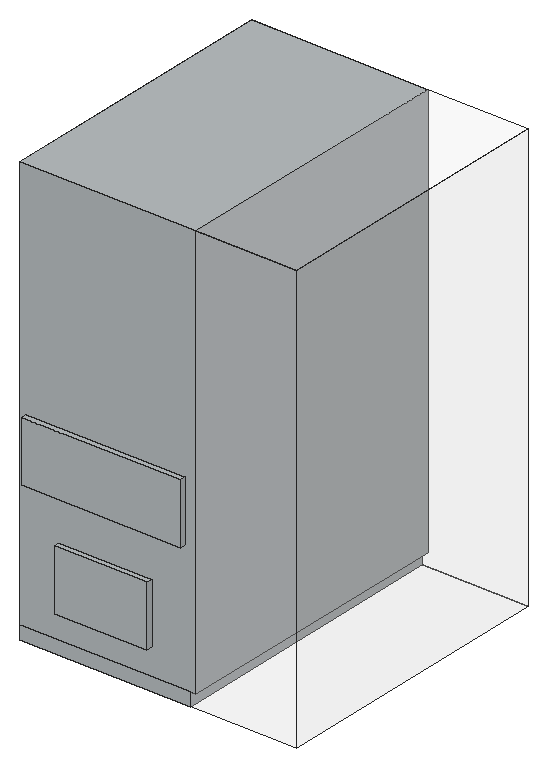
Revit family "lp-1000x4-50_50Hz", category 機械設備, Revit 2019
Family settings
  丸型コネクタ寸法 = 直径を使用
  パーツ タイプ = 標準
  OmniClass 番号 = 23.75.10.34.21
  OmniClass タイトル = Heat Exchangers for Ventilation Air
  作業面ベース = いいえ
  常に垂直 = はい
  ロード時にボイドで切り取り = いいえ
  共有 = いいえ
  部屋計算ポイント = はい
Parameters (values of type "LP-1000X4-50")
  騒音レベル(dB(A)) = 59.5
  風量 = 10000.0 m³/h
  面風速 = 10.33 m/s
  電源種別 [instance] = ""
  電圧 = 200 V
  電動機出力 = 5.5 W
  集中コントローラ = ""
  運転質量 = 0.00 kg
  連動 [instance] = ""
  質量 = if(製品質量 > 運転質量, 製品質量, 運転質量) * 1.2  # 1206.00 kg
  負荷分類 = 3_ファン類
  説明 = "設備用ロスナイ ビル用ロスナイパック形"
  設計風量 = 0.0 m³/h
  設置方法 = "床置形"
  記号 [instance] = ""
  製造元 = "三菱電機株式会社"
  製品質量 = 1005.00 kg
  製品出荷対象 = "国内"
  製品リリース年月 = "2018/7/25"
  製品グループ = ""
  系統 [instance] = ""
  符号 = "HEU"
  積算_科目 = "1 空気調和設備"
  積算_拾い区分 [instance] = ""
  相 = 3
  盤記号 [instance] = ""
  発停方法 [instance] = ""
  特殊仕様 [instance] = ""
  火災停止 [instance] = ""
  温度交換効率 = 77.00%
  消費電力 = 11400 W
  法定耐用年数 = "15"
  機外静圧_排気 = 380.0 Pa
  機外静圧 = 380.0 Pa
  極数 = 3
  材質 [instance] = ""
  本体固定用穴ピッチ2 = 565 mm
  本体固定用穴ピッチ1 = 1930 mm
  本体固定用穴_径 = 20 mm
  本体マテリアル = 溶融亜鉛めっき鋼板
  操作・制御方式 = ""
  操作・制御スイッチ = ""
  排気量 = 0.0 m³/h
  形式 = "床置形"
  幹線記号 [instance] = ""
  対象室 [instance] = ""
  実風量 = 0.0 m³/h
  始動方式 [instance] = "直入"
  外気量 = 0.0 m³/h
  呼称 = "全熱交換ユニット"
  周波数 = 50 Hz
  参照している仕様書等のバージョン = ""
  初期抵抗 = 0.0 Pa
  分類コード = "50052504100050"
  分類グループ = ""
  価格 = 11486000
  企業コード = "108420"
  付属品_フィルター_還気 = ""
  付属品_フィルター = ""
  付属品 [instance] = ""
  仕様書バージョン = "Version1.0"
  モデル = "LP-1000X4-50"
  メンテナンススペース = yes
  コメント [instance] = ""
  Keynote = ""
  エンタルピ交換効率_暖房 = 66.00%
  エンタルピ交換効率_冷房 = 60.00%
  Assembly Code = ""
  Width = 1218 mm
  W1 = 1180 mm
  Version = ""
  Uniclass2015Version = "Systems v1.9"
  Uniclass2015Title = "Thermal wheels"
  Uniclass2015Code = "Pr_60_60_36_88"
  URL = "https://www.mitsubishielectric.co.jp/ldg/wink/ssl/displayProduct.do?pid=294060"
  SpecificationReference = ""
  SpecificationDescription = ""
  SAサイズ_W = 640 mm
  SAサイズ_D = 420 mm
  Revision = ""
  RAダクト接続_通常 = yes
  RAダクト接続_変更4 = no
  RAダクト接続_変更3 = no
  RAダクト接続_変更2 = no
  RAダクト接続_変更1 = no
  RAサイズ_W = 1100 mm
  RAサイズ_D = 420 mm
  ProductInformation = ""
  OmniClassCode = "23-27 23 19 11"
  OAダクト接続_通常 = yes
  OAダクト接続_変更4 = no
  OAダクト接続_変更3 = no
  OAダクト接続_変更2 = no
  OAダクト接続_変更1 = no
  OAサイズ_W = 1100 mm
  OAサイズ_D = 420 mm
  MIN風量 = 0.0 m³/h
  MIN静圧 = 0.0 Pa
  MID風量 = 0.0 m³/h
  MID静圧 = 0.0 Pa
  MAX風量 = 10000.0 m³/h
  MAX静圧 = 380.0 Pa
  IfcTypeProduct = ""
  IfcProduct = ""
  IfcExportType = "ROTARYWHEEL"
  IfcExportAs = "IfcAirToAirHeatRecoveryType"
  Height = 2870 mm
  H1 = 90 mm
  EAサイズ_W = 640 mm
  EAサイズ_D = 420 mm
  Duct_SA_W = 273 mm
  Duct_SA_H = 274 mm
  Duct_RA_W = 43 mm
  Duct_RA_H = 296 mm
  Duct_RA_D = 49 mm
  Duct_Pitch1 = 80 mm
  Duct_OA_W = 43 mm
  Duct_OA_H = 296 mm
  Duct_OA_D = 49 mm
  Duct_Height = 41 mm
  Duct_EA_W = 273 mm
  Duct_EA_H = 274 mm
  Depth = 2000 mm
  D1 = 2000 mm
  Clearance Top = 0 mm
  Clearance Right = 700 mm
  Clearance Left = 0 mm
  Clearance Front = 0 mm
  Clearance Bottom = 0 mm
  Clearance Back = 0 mm
  Author = "三菱電機株式会社"
Reference planes
  plane 1 "中心(正面/背面)": y = 0
  plane 2: z = 0
  plane 3 "中心(左/右)": x = 0
  plane 4: x = 590
  plane 5: x = 628
  plane 6: y = 1000
  plane 7: y = 1000
  plane 8: y = -1000
  plane 9: y = -1000
  plane 10: x = -590
  plane 11: x = -590
  plane 12: y = 741
  plane 13: y = -741
  plane 14: y = -531
  plane 15: y = -951
  plane 16: y = 951
  plane 17: y = 531
  plane 18: x = -547
  plane 19: x = 553
  plane 20: z = 90
  plane 21: z = 2960
  plane 22: z = 3001
  plane 23: y = 565
  plane 24: y = -565
  plane 25: x = -965
  plane 26: x = 965
  plane 27: x = 1328
  plane 28: x = -590
  plane 29: y = 1000
  plane 30: y = -1000
  plane 31: z = 2960
  plane 32: z = 0
  plane 33: x = -317
  plane 34: x = 323
  plane 35: z = 274
  plane 36: z = 694
  plane 37: z = 990
  plane 38: z = 1410
  plane 39: x = -547
  plane 40: x = 553
  plane 41: y = -1041
  plane 42: y = 1041
  plane 43: x = -317
  plane 44: x = 323
  plane 45: z = 274
  plane 46: z = 694
  plane 47: z = 990
  plane 48: z = 1410
  plane 49: z = 1490
  plane 50: z = 1910
  plane 51: z = 1910
  plane 52: z = 1490
  plane 53: z = 1990
  plane 54: z = 1990
  plane 55: z = 2410
  plane 56: z = 2410
  plane 57: z = 2490
  plane 58: z = 2490
  plane 59: z = 2910
  plane 60: z = 2910
Forms (mm)
  Extrusion 1, solid, material "溶融亜鉛めっき鋼板" <- "本体マテリアル", detail levels fine
    sketch origin (0, 0, 0) x (1, 0, 0) y (0, 1, 0)
      loop
        line (-590, 1000) -> (-590, -1000) -> (628, -1000) -> (628, 1000) -> (-590, 1000)
    from 90 to 2960
  Extrusion 2, solid, material "溶融亜鉛めっき鋼板" <- "本体マテリアル", detail levels fine
    sketch origin (0, 0, 0) x (1, 0, 0) y (0, 1, 0)
      loop
        line (-590, 1000) -> (-590, -1000) -> (590, -1000) -> (590, 1000) -> (-590, 1000)
    from 0 to 90
  Extrusion 3, solid, material "溶融亜鉛めっき鋼板" <- "本体マテリアル", visible <- "RAダクト接続_変更1", detail levels fine
    sketch origin (0, 0, 0) x (1, 0, 0) y (0, 1, 0)
      loop
        line (-547, -951) -> (553, -951) -> (553, -531) -> (-547, -531) -> (-547, -951)
    from 2960 to 3001
  Extrusion 4, solid, material "溶融亜鉛めっき鋼板" <- "本体マテリアル", visible <- "OAダクト接続_変更1", detail levels fine
    sketch origin (0, 0, 0) x (1, 0, 0) y (0, 1, 0)
      loop
        line (-547, 951) -> (-547, 531) -> (553, 531) -> (553, 951) -> (-547, 951)
    from 2960 to 3001
  Extrusion 5, solid, material "溶融亜鉛めっき鋼板" <- "本体マテリアル", detail levels fine
    sketch origin (0, 0, 0) x (1, 0, 0) y (0, 0, 1)
      loop
        line (-317, 274) -> (323, 274) -> (323, 694) -> (-317, 694) -> (-317, 274)
    from 1000 to 1041
  Extrusion 6, solid, material "溶融亜鉛めっき鋼板" <- "本体マテリアル", detail levels fine
    sketch origin (0, 0, 0) x (1, 0, 0) y (0, 0, 1)
      loop
        line (323, 694) -> (-317, 694) -> (-317, 274) -> (323, 274) -> (323, 694)
    from -1041 to -1000
  Extrusion 7, solid, material "溶融亜鉛めっき鋼板" <- "本体マテリアル", visible <- "OAダクト接続_通常", detail levels fine
    sketch origin (0, -420, 0) x (1, 0, 0) y (0, 0, 1)
      loop
        line (-547, 990) -> (553, 990) -> (553, 1410) -> (-547, 1410) -> (-547, 990)
    from -1461 to -1420
  Extrusion 8, solid, material "溶融亜鉛めっき鋼板" <- "本体マテリアル", visible <- "RAダクト接続_通常", detail levels fine
    sketch origin (0, 240, 0) x (1, 0, 0) y (0, 0, 1)
      loop
        line (-547, 1410) -> (-547, 990) -> (553, 990) -> (553, 1410) -> (-547, 1410)
    from 1240 to 1281
  Extrusion 9, solid, material "溶融亜鉛めっき鋼板" <- "本体マテリアル", visible <- "OAダクト接続_変更4", detail levels fine
    sketch origin (0, 0, 0) x (1, 0, 0) y (0, 0, 1)
      loop
        line (553, 1490) -> (553, 1910) -> (-547, 1910) -> (-547, 1490) -> (553, 1490)
    from -1041 to -1000
  Extrusion 10, solid, material "溶融亜鉛めっき鋼板" <- "本体マテリアル", visible <- "RAダクト接続_変更4", detail levels fine
    sketch origin (0, 0, 0) x (1, 0, 0) y (0, 0, 1)
      loop
        line (553, 1490) -> (553, 1910) -> (-547, 1910) -> (-547, 1490) -> (553, 1490)
    from 1000 to 1041
  Extrusion 11, solid, material "溶融亜鉛めっき鋼板" <- "本体マテリアル", visible <- "RAダクト接続_変更3"
    sketch origin (0, 0, 0) x (1, 0, 0) y (0, 0, 1)
      loop
        line (-547, 1990) -> (553, 1990) -> (553, 2410) -> (-547, 2410) -> (-547, 1990)
    from 1000 to 1041
  Extrusion 12, solid, material "溶融亜鉛めっき鋼板" <- "本体マテリアル", visible <- "RAダクト接続_変更2"
    sketch origin (0, 0, 0) x (1, 0, 0) y (0, 0, 1)
      loop
        line (-547, 2490) -> (553, 2490) -> (553, 2910) -> (-547, 2910) -> (-547, 2490)
    from 1000 to 1041
  Extrusion 13, solid, material "溶融亜鉛めっき鋼板" <- "本体マテリアル", visible <- "OAダクト接続_変更3"
    sketch origin (0, 0, 0) x (1, 0, 0) y (0, 0, 1)
      loop
        line (-547, 1990) -> (553, 1990) -> (553, 2410) -> (-547, 2410) -> (-547, 1990)
    from -1041 to -1000
  Extrusion 14, solid, material "溶融亜鉛めっき鋼板" <- "本体マテリアル", visible <- "OAダクト接続_変更2"
    sketch origin (0, 0, 0) x (1, 0, 0) y (0, 0, 1)
      loop
        line (-547, 2490) -> (553, 2490) -> (553, 2910) -> (-547, 2910) -> (-547, 2490)
    from -1041 to -1000
Lines and regions (mm)
  Masking region 1, detail levels coarse+medium
    outline origin (1331.5, 88, 0) x (1, 0, 0) y (0, 1, 0)
      loop
        line (-1921.5, 912) -> (-1921.5, -1088) -> (-741.5, -1088) -> (-741.5, 912) -> (-1921.5, 912)
  symbolic lines, detail levels coarse+medium
    curve 1: line (0, 1000, 0) -> (-590, 0, 0)
    curve 2: line (-590, 0, 0) -> (0, -1000, 0)
    curve 3: line (0, -1000, 0) -> (590, 0, 0)
    curve 4: line (0, 1000, 0) -> (590, 0, 0)
Dimensions and locks
  equal spacing: plane 10, plane 3 "中心(左/右)", plane 4
  "W1": plane 10 to plane 4
  "Width": plane 11 to plane 5
  equal spacing: plane 7, plane 1 "中心(正面/背面)", plane 9
  "D1": plane 7 to plane 9
  equal spacing: plane 6, plane 1 "中心(正面/背面)", plane 8
  "Depth": plane 6 to plane 8
  equal spacing: plane 15, plane 13, plane 14
  "RAサイズ_D": plane 15 to plane 14
  equal spacing: plane 17, plane 12, plane 16
  "OAサイズ_D": plane 17 to plane 16
  "RAサイズ_W": plane 18 to plane 19
  locked: plane 11 to plane 10 at 0
  "H1": plane 20 to level
  "Height": plane 21 to plane 20
  "Duct_Height": plane 22 to plane 21
  "本体固定用穴ピッチ2": plane 1 "中心(正面/背面)" to plane 23
  "本体固定用穴ピッチ2": plane 24 to plane 1 "中心(正面/背面)"
  equal spacing: plane 25, plane 3 "中心(左/右)", plane 26
  "本体固定用穴ピッチ1": plane 25 to plane 26
  "Clearance Right": plane 5 to plane 27
  "Clearance Left": plane 28 to plane 11
  "Clearance Back": plane 29 to plane 6
  "Clearance Front": plane 8 to plane 30
  "Clearance Top": plane 31 to plane 21
  "Clearance Bottom": level to plane 32
  "Duct_RA_D": plane 8 to plane 15
  "Duct_OA_D": plane 6 to plane 16
  "Duct_SA_H": plane 35 to level
  "SAサイズ_D": plane 36 to plane 35
  "Duct_RA_H": plane 37 to plane 36
  "RAサイズ_D": plane 38 to plane 37
  "OAサイズ_W": plane 39 to plane 40
  "Duct_OA_W": plane 11 to plane 39
  "Duct_RA_W": plane 11 to plane 18
  "Duct_Height": plane 8 to plane 41
  "SAサイズ_W": plane 34 to plane 33
  "Duct_Height": plane 42 to plane 6
  "Duct_SA_W": plane 33 to plane 11
  "EAサイズ_D": plane 46 to plane 45
  "Duct_EA_H": plane 45 to level
  "Duct_EA_W": plane 43 to plane 11
  "EAサイズ_W": plane 44 to plane 43
  "OAサイズ_D": plane 48 to plane 47
  "Duct_OA_H": plane 47 to plane 46
  "Duct_Pitch1": plane 49 to plane 38
  "RAサイズ_D": plane 50 to plane 49
  "Duct_Pitch1": plane 52 to plane 48
  "OAサイズ_D": plane 51 to plane 52
  "Duct_Pitch1": plane 53 to plane 50
  "RAサイズ_D": plane 55 to plane 53
  "Duct_Pitch1": plane 58 to plane 55
  "RAサイズ_D": plane 60 to plane 58
  "Duct_Pitch1": plane 54 to plane 51
  "OAサイズ_D": plane 56 to plane 54
  "Duct_Pitch1": plane 57 to plane 56
  "OAサイズ_D": plane 59 to plane 57
  aligned and locked: level to plane 2
  aligned and locked: Extrusion 1 sketch curve to plane 6
  aligned and locked: plane 10 to Extrusion 1 sketch curve
  aligned and locked: Extrusion 1 sketch curve to plane 8
  aligned and locked: Extrusion 2 sketch curve to plane 7
  aligned and locked: plane 11 to Extrusion 2 sketch curve
  aligned and locked: Extrusion 2 sketch curve to plane 9
  aligned and locked: plane 15 to Extrusion 3 sketch curve
  aligned and locked: Extrusion 3 sketch curve to plane 18
  aligned and locked: plane 14 to Extrusion 3 sketch curve
  aligned and locked: Extrusion 3 sketch curve to plane 19
  aligned and locked: plane 9 to Masking region 1
  aligned and locked: Masking region 1 to plane 11
  aligned and locked: plane 7 to Masking region 1
  aligned and locked: Masking region 1 to curve 1
  aligned and locked: Masking region 1 to curve 2
  aligned and locked: plane 20 to Extrusion 2
  aligned and locked: plane 21 to Extrusion 1
  aligned and locked: Extrusion 1 to plane 20
  aligned and locked: plane 22 to Extrusion 3
  aligned and locked: Extrusion 3 to plane 21
  aligned and locked: plane 27 to nested 1
  aligned and locked: nested 1 to plane 30
  aligned and locked: nested 1 to plane 29
  aligned and locked: nested 1 to plane 31
  aligned and locked: nested 1 to plane 32
  aligned and locked: plane 9 to curve 2
  aligned and locked: plane 3 "中心(左/右)" to curve 3
  aligned and locked: plane 4 to curve 3
  aligned and locked: plane 3 "中心(左/右)" to curve 4
  aligned and locked: plane 1 "中心(正面/背面)" to curve 4
  aligned and locked: nested 2 to plane 24
  aligned and locked: plane 25 to nested 2
  aligned and locked: nested 2 to plane 26
  aligned and locked: plane 25 to nested 3
  aligned and locked: nested 3 to plane 26
  aligned and locked: plane 1 "中心(正面/背面)" to nested 3
  aligned and locked: plane 25 to nested 4
  aligned and locked: nested 4 to plane 26
  aligned and locked: nested 4 to plane 23
  aligned and locked: nested 1 to plane 28
  aligned and locked: Masking region 1 to plane 4
  aligned and locked: plane 4 to Extrusion 2 sketch curve
  aligned and locked: plane 5 to Extrusion 1 sketch curve
  aligned and locked: Extrusion 4 sketch curve to plane 16
  aligned and locked: plane 18 to Extrusion 4 sketch curve
  aligned and locked: Extrusion 4 sketch curve to plane 17
  aligned and locked: plane 22 to Extrusion 4
  aligned and locked: Extrusion 4 to plane 21
  aligned and locked: Extrusion 5 sketch curve to plane 35
  aligned and locked: Extrusion 5 sketch curve to plane 33
  aligned and locked: plane 36 to Extrusion 5 sketch curve
  aligned and locked: Extrusion 5 sketch curve to plane 34
  aligned and locked: Extrusion 5 to plane 41
  aligned and locked: Extrusion 5 to plane 8
  aligned and locked: Extrusion 6 to plane 42
  aligned and locked: Extrusion 6 to plane 6
  aligned and locked: Extrusion 7 to plane 42
  aligned and locked: Extrusion 7 to plane 6
  aligned and locked: Extrusion 8 sketch curve to plane 38
  aligned and locked: plane 18 to Extrusion 8 sketch curve
  aligned and locked: Extrusion 8 sketch curve to plane 37
  aligned and locked: plane 19 to Extrusion 8 sketch curve
  aligned and locked: Extrusion 8 to plane 41
  aligned and locked: Extrusion 8 to plane 8
  aligned and locked: plane 46 to Extrusion 6 sketch curve
  aligned and locked: plane 44 to Extrusion 6 sketch curve
  aligned and locked: Extrusion 6 sketch curve to plane 45
  aligned and locked: Extrusion 6 sketch curve to plane 43
  aligned and locked: Extrusion 7 sketch curve to plane 47
  aligned and locked: Extrusion 7 sketch curve to plane 18
  aligned and locked: plane 48 to Extrusion 7 sketch curve
  aligned and locked: plane 40 to Extrusion 4 sketch curve
  aligned and locked: Extrusion 7 sketch curve to plane 40
  aligned and locked: plane 52 to Extrusion 9 sketch curve
  aligned and locked: plane 40 to Extrusion 9 sketch curve
  aligned and locked: Extrusion 9 sketch curve to plane 51
  aligned and locked: Extrusion 9 to plane 42
  aligned and locked: Extrusion 9 to plane 6
  aligned and locked: Extrusion 10 sketch curve to plane 49
  aligned and locked: plane 19 to Extrusion 10 sketch curve
  aligned and locked: Extrusion 10 sketch curve to plane 50
  aligned and locked: plane 18 to Extrusion 10 sketch curve
  aligned and locked: plane 39 to Extrusion 9 sketch curve
  aligned and locked: Extrusion 10 to plane 41
  aligned and locked: Extrusion 10 to plane 8
  aligned and locked: Extrusion 11 sketch curve to plane 18
  aligned and locked: Extrusion 11 sketch curve to plane 19
  aligned and locked: Extrusion 11 sketch curve to plane 53
  aligned and locked: plane 55 to Extrusion 11 sketch curve
  aligned and locked: Extrusion 12 sketch curve to plane 58
  aligned and locked: Extrusion 12 sketch curve to plane 18
  aligned and locked: plane 60 to Extrusion 12 sketch curve
  aligned and locked: Extrusion 12 sketch curve to plane 19
  aligned and locked: Extrusion 13 sketch curve to plane 54
  aligned and locked: Extrusion 13 sketch curve to plane 39
  aligned and locked: plane 56 to Extrusion 13 sketch curve
  aligned and locked: Extrusion 13 sketch curve to plane 40
  aligned and locked: Extrusion 14 sketch curve to plane 57
  aligned and locked: Extrusion 14 sketch curve to plane 39
  aligned and locked: plane 59 to Extrusion 14 sketch curve
  aligned and locked: Extrusion 14 sketch curve to plane 40
  aligned and locked: Extrusion 14 to plane 42
  aligned and locked: Extrusion 14 to plane 6
  aligned and locked: Extrusion 13 to plane 42
  aligned and locked: Extrusion 13 to plane 6
  aligned and locked: Extrusion 12 to plane 41
  aligned and locked: Extrusion 12 to plane 8
  aligned and locked: Extrusion 11 to plane 41
  aligned and locked: Extrusion 11 to plane 8
Automatic sketch dimensions
  plane 1 "中心(正面/背面)" to curve 1 = 0 mm
  curve 1 to plane 10 = 0 mm
  curve 4 to plane 7 = 0 mm
  plane 9 to Masking region 1 sketch curve = 0 mm
  Masking region 1 sketch curve to plane 10 = 0 mm
  Masking region 1 sketch curve to plane 4 = 0 mm
  Masking region 1 sketch curve to plane 7 = 0 mm
Nested families
  nested 1: "メンテナンススペース" at (369, 0, 1480), visible <- "メンテナンススペース", type "メンテナンススペース"
    with Width 1918 mm, Height 2960 mm, Depth 2000 mm
  nested 2: "固定点" at (-965, -565, 0), type "固定点"
    with W 1930 mm, D 1000 mm
  nested 3: "固定点" at (-965, 0, 0), type "固定点"
    with W 1930 mm, D 1000 mm
  nested 4: "固定点" at (-965, 565, 0), type "固定点"
    with W 1930 mm, D 1000 mm
Connectors
  electrical at (628, 0, 1525), driven by "極数", driven by "負荷分類", driven by "電圧", driven by "消費電力"
    settings: on Extrusion 1, index 5, voltage 200 V, apparent load 11400 VA, apparent load phase1 0 VA, apparent load phase2 0 VA, apparent load phase3 0 VA, power factor 1, load classification "3_ファン類", number of poles 3, system type 30, power factor state 1, is connector primary yes, connector utility no, sub classification motor no, connector description ""
  hvac at (3, -1041, 484), driven by "SAサイズ_D", driven by "SAサイズ_W", driven by "機外静圧", driven by "風量"
    settings: on Extrusion 5, index 6, duct flow 10000.0 m³/h, flow factor 0, pres drop 380.0 Pa, loss coef 0, conn angle 0.00°, conn width 640 mm, conn height 420 mm, conn diameter 609.6 mm, duct sys type 1, conn prof type 1, flow config 0, flow direction 2, loss method 4, conn ref index -1, conn util no, is conn primary yes, conn desc ""
  hvac at (3, -1041, 1200), driven by "RAサイズ_D", driven by "RAサイズ_W", driven by "機外静圧", driven by "風量"
    settings: on Extrusion 8, index 8, duct flow 10000.0 m³/h, flow factor 0, pres drop 380.0 Pa, loss coef 0, conn angle 0.00°, conn width 1100 mm, conn height 420 mm, conn diameter 609.6 mm, duct sys type 2, conn prof type 1, flow config 0, flow direction 1, loss method 4, conn ref index -1, conn util no, is conn primary no, conn desc ""
  hvac at (3, -741, 3001), driven by "RAサイズ_D", driven by "RAサイズ_W"
    settings: on Extrusion 3, index 9, duct flow 0.0 m³/h, flow factor 0, pres drop 0.0 Pa, loss coef 0, conn angle 0.00°, conn width 1100 mm, conn height 420 mm, conn diameter 609.6 mm, duct sys type 2, conn prof type 1, flow config 0, flow direction 1, loss method 4, conn ref index -1, conn util no, is conn primary no, conn desc ""
  hvac at (3, 741, 3001), driven by "OAサイズ_D", driven by "OAサイズ_W", driven by "機外静圧", driven by "風量"
    settings: on Extrusion 4, index 10, duct flow 10000.0 m³/h, flow factor 0, pres drop 380.0 Pa, loss coef 0, conn angle 0.00°, conn width 1100 mm, conn height 420 mm, conn diameter 609.6 mm, duct sys type 4, conn prof type 1, flow config 0, flow direction 1, loss method 4, conn ref index -1, conn util no, is conn primary no, conn desc ""
  hvac at (3, 1041, 1200), driven by "OAサイズ_D", driven by "OAサイズ_W", driven by "機外静圧", driven by "風量"
    settings: on Extrusion 7, index 11, duct flow 10000.0 m³/h, flow factor 0, pres drop 380.0 Pa, loss coef 0, conn angle 0.00°, conn width 1100 mm, conn height 420 mm, conn diameter 609.6 mm, duct sys type 4, conn prof type 1, flow config 0, flow direction 1, loss method 4, conn ref index -1, conn util no, is conn primary no, conn desc ""
  hvac at (3, 1041, 484), driven by "EAサイズ_D", driven by "EAサイズ_W", driven by "機外静圧_排気", driven by "排気量"
    settings: on Extrusion 6, index 12, duct flow 0.0 m³/h, flow factor 0, pres drop 380.0 Pa, loss coef 0, conn angle 0.00°, conn width 640 mm, conn height 420 mm, conn diameter 609.6 mm, duct sys type 3, conn prof type 1, flow config 0, flow direction 2, loss method 4, conn ref index -1, conn util no, is conn primary no, conn desc ""
  hvac at (3, -1041, 1700), driven by "RAサイズ_D", driven by "RAサイズ_W", driven by "機外静圧", driven by "風量"
    settings: on Extrusion 10, index 13, duct flow 10000.0 m³/h, flow factor 0, pres drop 380.0 Pa, loss coef 0, conn angle 0.00°, conn width 1100 mm, conn height 420 mm, conn diameter 609.6 mm, duct sys type 2, conn prof type 1, flow config 0, flow direction 1, loss method 4, conn ref index -1, conn util no, is conn primary no, conn desc ""
  hvac at (3, 1041, 1700), driven by "OAサイズ_D", driven by "OAサイズ_W", driven by "機外静圧", driven by "風量"
    settings: on Extrusion 9, index 14, duct flow 10000.0 m³/h, flow factor 0, pres drop 380.0 Pa, loss coef 0, conn angle 0.00°, conn width 1100 mm, conn height 420 mm, conn diameter 609.6 mm, duct sys type 4, conn prof type 1, flow config 0, flow direction 1, loss method 4, conn ref index -1, conn util no, is conn primary no, conn desc ""
  hvac at (3, -1041, 2700), driven by "RAサイズ_D", driven by "RAサイズ_W", driven by "機外静圧", driven by "風量"
    settings: on Extrusion 12, index 15, duct flow 10000.0 m³/h, flow factor 0, pres drop 380.0 Pa, loss coef 0, conn angle 0.00°, conn width 1100 mm, conn height 420 mm, conn diameter 609.6 mm, duct sys type 2, conn prof type 1, flow config 0, flow direction 1, loss method 4, conn ref index -1, conn util no, is conn primary no, conn desc ""
  hvac at (3, -1041, 2200), driven by "RAサイズ_D", driven by "RAサイズ_W", driven by "機外静圧", driven by "風量"
    settings: on Extrusion 11, index 16, duct flow 10000.0 m³/h, flow factor 0, pres drop 380.0 Pa, loss coef 0, conn angle 0.00°, conn width 1100 mm, conn height 420 mm, conn diameter 609.6 mm, duct sys type 2, conn prof type 1, flow config 0, flow direction 1, loss method 4, conn ref index -1, conn util no, is conn primary no, conn desc ""
  hvac at (3, 1041, 2700), driven by "OAサイズ_D", driven by "OAサイズ_W", driven by "機外静圧", driven by "風量"
    settings: on Extrusion 14, index 17, duct flow 10000.0 m³/h, flow factor 0, pres drop 380.0 Pa, loss coef 0, conn angle 0.00°, conn width 1100 mm, conn height 420 mm, conn diameter 609.6 mm, duct sys type 4, conn prof type 1, flow config 0, flow direction 1, loss method 4, conn ref index -1, conn util no, is conn primary no, conn desc ""
  hvac at (3, 1041, 2200), driven by "OAサイズ_D", driven by "OAサイズ_W", driven by "機外静圧", driven by "風量"
    settings: on Extrusion 13, index 18, duct flow 10000.0 m³/h, flow factor 0, pres drop 380.0 Pa, loss coef 0, conn angle 0.00°, conn width 1100 mm, conn height 420 mm, conn diameter 609.6 mm, duct sys type 4, conn prof type 1, flow config 0, flow direction 1, loss method 4, conn ref index -1, conn util no, is conn primary no, conn desc ""
Definition of nested family "メンテナンススペース"
  Parameters (values of type "メンテナンススペース")
    Width [instance] = 500 mm
    Height [instance] = 500 mm
    Depth [instance] = 500 mm
  Reference planes
    plane 1 "中心(正面/背面)": y = 0
    plane 2: z = 0
    plane 3 "中心(左/右)": x = 0
    plane 4: y = -250
    plane 5: x = 250
    plane 6: y = 250
    plane 7: x = -250
    plane 8: z = 250
    plane 9: z = -250
  Forms (mm)
    Extrusion 1, solid
      sketch origin (-638.939, 0, 72.39) x (1, 0, 0) y (0, 1, 0)
        loop
          line (388.939, 250) -> (388.939, -250) -> (888.939, -250) -> (888.939, 250) -> (388.939, 250)
      from -322.39 to 177.61
  Lines and regions (mm)
    symbolic lines
      curve 1: line (-250, 0, 250) -> (250, 0, 250)
      curve 2: line (-250, 0, -250) -> (-250, 0, 250)
      curve 3: line (250, 0, -250) -> (-250, 0, -250)
      curve 4: line (250, 0, 250) -> (250, 0, -250)
      curve 5: line (0, -250, 250) -> (0, 250, 250)
      curve 6: line (0, -250, -250) -> (0, -250, 250)
      curve 7: line (0, 250, -250) -> (0, -250, -250)
      curve 8: line (0, 250, 250) -> (0, 250, -250)
      curve 9: line (-250, 250, 0) -> (250, 250, 0)
      curve 10: line (-250, -250, 0) -> (-250, 250, 0)
      curve 11: line (250, -250, 0) -> (-250, -250, 0)
      curve 12: line (250, 250, 0) -> (250, -250, 0)
  Dimensions and locks
    equal spacing: plane 7, plane 3 "中心(左/右)", plane 5
    equal spacing: plane 4, plane 1 "中心(正面/背面)", plane 6
    "Depth": plane 4 to plane 6
    "Width": plane 7 to plane 5
    equal spacing: plane 8, plane 2, plane 9
    "Height": plane 8 to plane 9
    aligned and locked: plane 9 to curve 3
    aligned and locked: plane 7 to curve 2
    aligned and locked: curve 4 to plane 5
    aligned and locked: plane 5 to Extrusion 1
    aligned and locked: Extrusion 1 to plane 7
    aligned and locked: Extrusion 1 to plane 9
    aligned and locked: plane 8 to Extrusion 1
    aligned and locked: plane 9 to curve 7
  Automatic sketch dimensions
    plane 4 to Extrusion 1 sketch curve = 0 mm
    Extrusion 1 sketch curve to plane 7 = 0 mm
    Extrusion 1 sketch curve to plane 5 = 0 mm
    plane 6 to Extrusion 1 sketch curve = 0 mm
    curve 2 to plane 8 = 0 mm
    plane 4 to curve 11 = 0 mm
    curve 11 to plane 7 = 0 mm
    curve 11 to plane 5 = 0 mm
    plane 6 to curve 10 = 0 mm
    curve 7 to plane 4 = 0 mm
    curve 7 to plane 6 = 0 mm
    curve 6 to plane 8 = 0 mm
Definition of nested family "固定点"
  Parameters (values of type "固定点")
    中心円 = 20 mm
    W [instance] = 1000 mm
    D [instance] = 1000 mm
  Reference planes
    plane 1 "中心(正面/背面)": y = 0
    plane 2: z = 0
    plane 3 "中心(左/右)": x = 0
    plane 4: x = 1000
  Lines and regions (mm)
    symbolic lines, detail levels fine
      curve 1: circle (0, 0, 0) r 10 normal (0, 0, 1)
      curve 2: circle (1000, 0, 0) r 10 normal (0, 0, 1)
      curve 3: line (-200, 0, 0) -> (1200, 0, 0)
      curve 4: line (0, 200, 0) -> (0, -200, 0)
      curve 5: line (1000, 200, 0) -> (1000, -200, 0)
  Dimensions and locks
    "W": plane 3 "中心(左/右)" to plane 4
    "中心円": diameter of curve 1
    "中心円": diameter of curve 2
    aligned and locked: level to plane 2
    aligned and locked: plane 3 "中心(左/右)" to curve 1
    aligned and locked: plane 1 "中心(正面/背面)" to curve 1
    aligned and locked: plane 1 "中心(正面/背面)" to curve 2
    aligned and locked: plane 4 to curve 2
    aligned and locked: plane 1 "中心(正面/背面)" to curve 3
    aligned and locked: curve 4 to plane 3 "中心(左/右)"
    aligned and locked: curve 5 to plane 4
  Automatic sketch dimensions
    curve 3 to plane 3 "中心(左/右)" = 200 mm
    curve 2 to curve 3 = 200 mm
    plane 1 "中心(正面/背面)" to curve 4 = 200 mm
    plane 1 "中心(正面/背面)" to curve 5 = 200 mm
    curve 5 to plane 1 "中心(正面/背面)" = 200 mm
    curve 4 to plane 1 "中心(正面/背面)" = 200 mm
